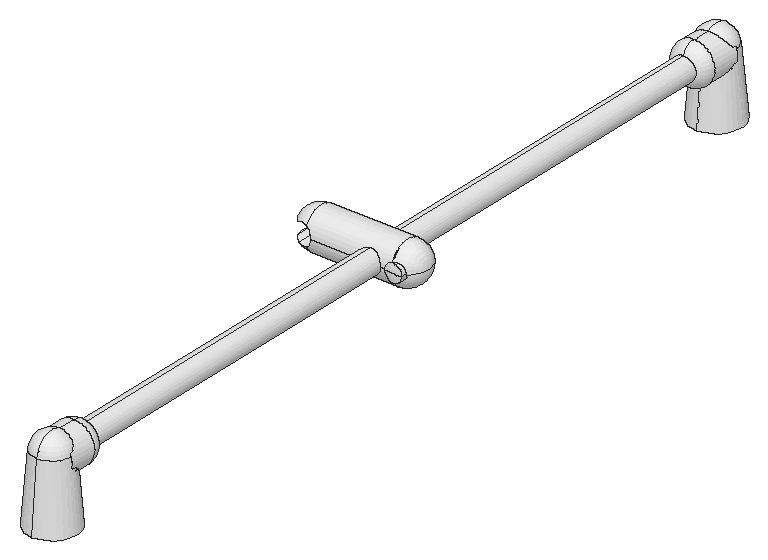
Revit family "Shower_Bar-Wall_Hung-American_Standard-1660.236_Series", category Plumbing Fixtures, host Face, Revit 2015
Parameters (values of type "1660.236.002")
  Width = 5"
  Waste Connection = no
  Warranty Information = "Limited 1-Year Warranty"  # constant formula
  WFU = 2  # constant formula
  Vent Connection = no
  URL = "https://www.americanstandard-us.com/"
  Type Comments = ""
  Product Page URL = "https://www.americanstandard-us.com/bathroom/shower-faucets/standard-slide-bar-17023"
  Product Documentation Link = "https://www.americanstandard-us.com/-/media/sites/asus/files/product-specs/shower-accessories/shower-slide-bars-1660225-1660236-1660230-1660330-1660530/spec-sheet-1660225-1660236-1660230-1660330-1660530.pdf?la=en"
  Price = "Prices may vary. Please consult Manufacturer Representative for most up-to-date price list."  # constant formula
  Model = "1660.236.002"
  Material = "Brass-American Standard-002-Polished Chrome"
  Manufacturer = "American Standard"  # constant formula
  Installation Type = "Wall-Mounted"
  Height = 23 5/8"
  HWFU = 2  # constant formula
  HW Connection = yes
  Finish = Brass-American Standard-002-Polished Chrome
  Description = "Standard Slide Bar"
  Default Elevation = 44"
  Creation Date = "02/07/2020"  # constant formula
  CWFU = 1  # constant formula
  CW Connection = yes
  Assembly Code = "D2010710"
Types (4): name | Model | Material | Finish
  (no name) | "1660.236.002" | "Brass-American Standard-002-Polished Chrome" | Brass-American Standard-002-Polished Chrome
  1660.236.002 | "1660.236.002" | "Brass-American Standard-002-Polished Chrome" | Brass-American Standard-002-Polished Chrome
  1660.236.295 | "1660.236.295" | "Brass-American Standard-295-Brushed Nickel" | Brass-American Standard-295-Brushed Nickel
  1660.236.224 | "1660.236.224" | "Brass-American Standard-224-Oil Rubbed Bronze" | Brass-American Standard-224-Oil Rubbed Bronze
Reference planes (in)
  plane 1 "Center (Front/Back)": y = 0
  plane 2: z = 0
  plane 3 "Center (Left/Right)": x = 0
  plane 4: x = -8.18213
  plane 5: y = 11.8125
  plane 6: y = -11.8125
  plane 7: y = 10.8125
  plane 8: y = -10.8125
  plane 9: z = 2.5
  plane 10: y = 34
  plane 11: z = 1.35868
  plane 12: y = 5.75
  plane 13: y = 16.6875
  plane 14: y = -16.6875
Forms (in)
  Revolve 1, solid, material "Brass-American Standard-002-Polished Chrome" <- "Finish"
    sketch origin (0, 5.875, 0) x (0, 1, 0) y (0, 0, 1)
      loop
        line (10.8125, 0) -> (11.8125, 0) -> (11.57366, 2.72992)
        arc (11.57366, 2.72992) -> (11.3287, 3.22666) -> (10.8125, 3.4274) r 0.76407
        line (10.8125, 3.4274) -> (10.8125, 0)
      axis (10.8125, 0) -> (10.8125, 3.4274)
    angle from 0 to 360
  Revolve 2, solid, material "Brass-American Standard-002-Polished Chrome" <- "Finish"
    sketch origin (0, -27.5, 0) x (0, 1, 0) y (0, 0, 1)
      loop
        line (10.8125, 0) -> (11.8125, 0) -> (11.57366, 2.72992)
        arc (11.57366, 2.72992) -> (11.3287, 3.22666) -> (10.8125, 3.4274) r 0.76407
        line (10.8125, 3.4274) -> (10.8125, 0)
      axis (10.8125, 0) -> (10.8125, 3.4274)
    angle from 0 to 360
  Revolve 3, solid, material "Brass-American Standard-002-Polished Chrome" <- "Finish"
    sketch origin (0, 0, 0) x (0, 1, 0) y (0, 0, 1)
      loop
        line (16.6875, 2.5) -> (16.6875, 3.32065) -> (15.57732, 3.32065)
        arc (15.57732, 3.32065) -> (15.25847, 3.22757) -> (15.03977, 2.97757) r 0.59266
        line (15.03977, 2.97757) -> (-15.03977, 2.97757)
        arc (-15.03977, 2.97757) -> (-15.25847, 3.22757) -> (-15.57732, 3.32065) r 0.59266
        line (-15.57732, 3.32065) -> (-16.6875, 3.32065) -> (-16.6875, 2.5) -> (16.6875, 2.5)
      axis (16.6875, 2.5) -> (-16.6875, 2.5)
    angle from 0 to 360
  Revolve 4, solid, material "Brass-American Standard-002-Polished Chrome" <- "Finish"
    sketch origin (0, 0, 2.5) x (1, 0, 0) y (0, 1, 0)
      loop
        arc (-2.52332, 0.82538) -> (-3.10695, 0.58363) -> (-3.3487, 0) r 0.82538
        line (-3.3487, 0) -> (1.78836, 0)
        arc (1.78836, 0) -> (1.54662, 0.58363) -> (0.96298, 0.82538) r 0.82538
        line (0.96298, 0.82538) -> (-2.52332, 0.82538)
      axis (-3.3487, 0) -> (1.78836, 0)
    angle from 0 to 360
  Extrusion 5, void
    sketch origin (0, 0, 0) x (1, 0, 0) y (0, 0, 1)
      loop
        arc (-2.93399, 2.12784) -> (-2.29094, 2.5) -> (-2.93399, 2.87216) r 0.42922
        arc (-2.93399, 2.87216) -> (-3.05857, 2.82949) -> (-3.19007, 2.83645) r 0.346
        line (-3.19007, 2.83645) -> (-3.74053, 2.97369) -> (-3.74053, 2.02631) -> (-3.19007, 2.16355)
        arc (-3.19007, 2.16355) -> (-3.05857, 2.17051) -> (-2.93399, 2.12784) r 0.346
    from -0.92914 to 0.9234
  Revolve 6, solid, material "Brass-American Standard-002-Polished Chrome" <- "Finish"
    sketch origin (0.3125, -0.01562, 2.5) x (1, 0, 0) y (0, 1, 0)
      loop
        line (0.75, 0.01562) -> (0.40259, 0.01562) -> (0.40259, -0.85724)
        arc (0.40259, -0.85724) -> (0.57502, -0.8888) -> (0.75, -0.89937) r 1.45366
        line (0.75, -0.89937) -> (0.75, 0.01562)
      axis (0.75, -0.89937) -> (0.75, 0.01562)
    angle from 0 to 360
Cuts and joins
  Extrusion 5 cuts Revolve 4
Dimensions and locks (in)
  equal spacing: plane 7, plane 1 "Center (Front/Back)", plane 8
  plane 7 to plane 8 = 21 5/8"
  plane 10 to plane 1 "Center (Front/Back)" = 34"
  aligned and locked: plane 2 to host face
  aligned and locked: level to host face
Automatic sketch dimensions
  host sketch curve to host sketch curve = 96"  (x2)
  Revolve 1 sketch curve to level = 0"
  Revolve 1 sketch curve to plane 7 = 5 7/8"  (x2)
  plane 5 to Revolve 1 sketch curve = 5 7/8"
  plane 5 to Revolve 1 sketch curve = 5.63616"
  plane 9 to Revolve 1 sketch curve = 0.16333"
  plane 9 to Revolve 1 sketch curve = 0.22992"
  Revolve 1 sketch curve to Revolve 1 sketch curve = 0.57239"
  level to Revolve 1 sketch curve = 0.42761"
  Revolve 2 sketch curve to level = 0"
  Revolve 2 sketch curve to plane 8 = 5 7/8"  (x2)
  plane 9 to Revolve 2 sketch curve = 0.22992"
  Revolve 2 sketch curve to plane 8 = 5.11384"
  Revolve 2 sketch curve to Revolve 2 sketch curve = 1"
  plane 9 to Revolve 2 sketch curve = 0.16333"
  Revolve 2 sketch curve to level = 0.57239"
  Revolve 2 sketch curve to Revolve 2 sketch curve = 0.42761"
  plane 1 "Center (Front/Back)" to Revolve 4 sketch curve = 0"  (x2)
  Revolve 4 sketch curve to plane 3 "Center (Left/Right)" = 3.3487"
  Revolve 4 sketch curve to plane 1 "Center (Front/Back)" = 0.82538"
  plane 3 "Center (Left/Right)" to Revolve 4 sketch curve = 0.96298"
  Revolve 4 sketch curve to Revolve 4 sketch curve = 0.46164"
  Revolve 4 sketch curve to Revolve 4 sketch curve = 1/2"
  Extrusion 5 sketch curve to plane 9 = 0"
  plane 9 to Extrusion 5 sketch curve = 0.47369"
  Extrusion 5 sketch curve to plane 3 "Center (Left/Right)" = 3.74053"
  Extrusion 5 sketch curve to plane 9 = 0.33645"
  Extrusion 5 sketch curve to Extrusion 5 sketch curve = 0.55046"  (x2)
  plane 9 to Extrusion 5 sketch curve = 0.33645"
  Extrusion 5 sketch curve to Extrusion 5 sketch curve = 0.08371"  (x2)
  Extrusion 5 sketch curve to Extrusion 5 sketch curve = 0.46991"
  Extrusion 5 sketch curve to plane 9 = 0.47369"
  Extrusion 5 sketch curve to Extrusion 5 sketch curve = 0.33572"  (x2)
  Extrusion 5 sketch curve to Extrusion 5 sketch curve = 0"
  plane 1 "Center (Front/Back)" to Revolve 6 sketch curve = 0"
  plane 3 "Center (Left/Right)" to Revolve 6 sketch curve = 0.71509"
  Revolve 6 sketch curve to Revolve 6 sketch curve = 0.34741"
  plane 1 "Center (Front/Back)" to Revolve 6 sketch curve = 0.87287"
  Revolve 6 sketch curve to Revolve 6 sketch curve = 0.04212"
  Revolve 6 sketch curve to Revolve 6 sketch curve = 0"
  plane 1 "Center (Front/Back)" to Revolve 6 sketch curve = 0.20388"
  Revolve 6 sketch curve to Revolve 6 sketch curve = 0.18993"
  Revolve 3 sketch curve to plane 9 = 0"  (x2)
  Revolve 3 sketch curve to plane 14 = 0"
  Revolve 3 sketch curve to plane 13 = 0"
  Revolve 3 sketch curve to plane 14 = 1.11018"
  Revolve 3 sketch curve to Revolve 3 sketch curve = 0.53755"  (x2)
  plane 9 to Revolve 3 sketch curve = 0.47757"
  Revolve 3 sketch curve to plane 13 = 1.64773"
  plane 9 to Revolve 3 sketch curve = 0.22799"  (x2)
  Revolve 3 sketch curve to plane 1 "Center (Front/Back)" = 2 9/16"
  Revolve 3 sketch curve to plane 12 = 1 7/16"
